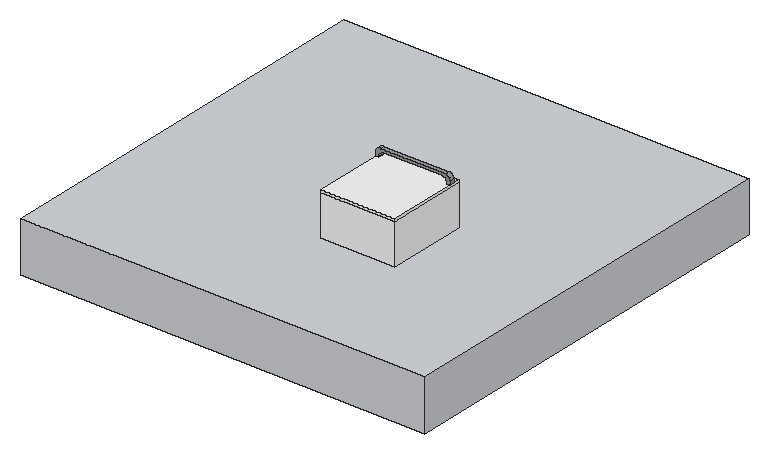
Revit family "IS_TonicII_Multiproduct_BIM_GB_R4306;R4318", category Plumbing Fixtures, host Face, Revit 2014
Parameters (values of type "R4318WG - Tonic II 450mm Guest Washbasin Unit - White Gloss")
  WaterEfficientProduct = no
  WarrantyStartDate [instance] = "1900-12-31T23:59:59"
  WarrantyGuarantorParts = "Productinfo@thebluebook.co.uk"
  WarrantyGuarantorLabor = "n/a"
  WarrantyDurationUnit = "year"
  WarrantyDurationParts = "5"
  WarrantyDurationLabor = "n/a"
  WarrantyDescription = "Manufacturers Warranty"
  WRAS = no
  VolumeUnits = "Litres"
  Version = "1"
  Uniclass2015Version = "Products v1.1"
  Uniclass2015Reference = "Pr_40_30_78_04"
  Uniclass2015Description = "Bathroom integrated duct work"
  Uniclass2 = "n/a"
  URL = "www.idealspec.co.uk"
  Type Comments = "n/a"
  TagNumber [instance] = "n/a"
  TMV3 = no
  SustainabilityPerformance = "n/a"
  SpareParts = "www.fastpart-spares.co.uk"
  Space = "Internal"
  Size = "360 x 480 x 450 mm"
  Shape = "Rectangular"
  SerialNumber [instance] = "n/a"
  Revision = "n/a"
  ReplacementCost = "n/a"
  ProductInformation = "www.idealspec.co.uk/datasheets/R4318WG"
  Phone = "01482 346 461"
  NominalWidth = 450 mm
  NominalLength = 480 mm
  NominalHeight = 360 mm
  NominalDepth = 260 mm
  NettWeight = "7.5 Kg"
  Name = "ISI_Furniture_TonicII_R4318WG_IdealStandard"
  NBSTypeID = "n/a"
  NBSReference = "45-35-72/320"
  NBSOfficeMasterTag = "n/a"
  NBSNote = "n/a"
  NBSDescription = "Bathroom integrated duct work"
  NBSCertification = "n/a"
  ModelReference = Description  # "Tonic II 450mm guest washbasin unit with 1 door , left hand"
  ModelNumber = Model  # "R4318WG"
  ManufacturerURL = "www.idealspec.co.uk"
  LinearUnits = "millimeters"
  LaminateFinish = ISI_IdealStandard_Furniture_WhiteGlossWG_Render
  Keynote = "n/a"
  InstallationInstructions = "www.idealspec.co.uk/resources.html"
  InstallationDate [instance] = "1900-12-31T23:59:59"
  IfcExportType = "USERDEFINED"
  IfcExportAs = "IfcFurnitureType"
  Help = "Productinfo@thebluebook.co.uk"
  HandleMatl = ISI_IdealStandard_Handle_Silver_Render
  HWFU = 0
  GrossWeight = "n/a"
  Grade = "n/a"
  Finish = "Gloss White"
  Features = "450mm guest washbasin unit with 1 door , left hand"
  ExpectedLife = "30"
  DurationUnit = "year"
  CurrencyUnit = "n/a"
  CreatedOn = "2016_04_06"
  Cost = 0
  Constituents = "n/a"
  ConnectionType = "Plumbing"
  Color = "Gloss White"
  CodePerformance = "EN 14749:2005"
  Category = "Furniture"
  Reference = "n/a"
  Model = "R4318WG"
  Manufacturer = "Ideal Standard (UK) Ltd"
  ECA = no
  Description = "Tonic II 450mm guest washbasin unit with 1 door , left hand"
  Default Elevation = 800 mm
  CWFU = 0
  Brand = "Ideal Standard"
  BarCode = "3391500571907"
  BREEAM = no
  BIMObjectName = "ISI_IdealStandard_Furniture_TonicII_R4318WG"
  Author = "Ideal Standard (UK) Ltd"
  AssetType = "Fixed"
  AssetIdentifier [instance] = "n/a"
  Assembly Code = "C1030200"
  AreaUnits = "millimeters"
  AreaMeasurement = "n/a"
  Accessories = "www.idealspec.co.uk"
  AccessibilityPerformance = "n/a"
Types (10, lengths in mm): name | ProductInformation | Name | ModelReference | ModelNumber | LaminateFinish | Finish | Features | Color | Model | Description | BarCode | BIMObjectName
  R4306FF - Tonic II 450mm Guest Washbasin Unit - Wood Light Brown | "www.idealspec.co.uk/datasheets/R4306FF" | "ISI_Furniture_TonicII_R4306FF_IdealStandard" | "Tonic II 450mm guest washbasin unit with 1 door , right hand" | "R4306FF" | ISI_IdealStandard_Furniture_WoodLightBrownFF_Render | "Light Brown Wood" | "450mm guest washbasin unit with 1 door , right hand" | "Light Brown Wood" | "R4306FF" | "Tonic II 450mm guest washbasin unit with 1 door , right hand" | "3391500571884" | "ISI_IdealStandard_Furniture_TonicII_R4306FF"
  R4306FE - Tonic II 450mm Guest Washbasin Unit - Wood Light Grey | "www.idealspec.co.uk/datasheets/R4306FE" | "ISI_Furniture_TonicII_R4306FE_IdealStandard" | "Tonic II 450mm guest washbasin unit with 1 door , right hand" | "R4306FE" | ISI_IdealStandard_Furniture_WoodLightGreyFE_Render | "Light Grey Wood" | "450mm guest washbasin unit with 1 door , right hand" | "Light Grey Wood" | "R4306FE" | "Tonic II 450mm guest washbasin unit with 1 door , right hand" | "3391500571891" | "ISI_IdealStandard_Furniture_TonicII_R4306FE"
  R4306FC - Tonic II 450mm Guest Washbasin Unit - Gloss Light Brown | "www.idealspec.co.uk/datasheets/R4306FC" | "ISI_Furniture_TonicII_R4306FC_IdealStandard" | "Tonic II 450mm guest washbasin unit with 1 door , right hand" | "R4306FC" | ISI_IdealStandard_Furniture_GlossLightBrownFC_Render | "Light Brown Gloss" | "450mm guest washbasin unit with 1 door , right hand" | "Light Brown Gloss" | "R4306FC" | "Tonic II 450mm guest washbasin unit with 1 door , right hand" | "3391500571877" | "ISI_IdealStandard_Furniture_TonicII_R4306FC"
  R4306FA - Tonic II 450mm Guest Washbasin Unit - Gloss Light Grey | "www.idealspec.co.uk/datasheets/R4306FA" | "ISI_Furniture_TonicII_R4306FA_IdealStandard" | "Tonic II 450mm guest washbasin unit with 1 door , right hand" | "R4306FA" | ISI_IdealStandard_Furniture_GlossLightGreyFA_Render | "Light Grey Gloss" | "450mm guest washbasin unit with 1 door , right hand" | "Light Grey Gloss" | "R4306FA" | "Tonic II 450mm guest washbasin unit with 1 door , right hand" | "3391500571860" | "ISI_IdealStandard_Furniture_TonicII_R4306FA"
  R4306WG - Tonic II 450mm Guest Washbasin Unit - White Gloss | "www.idealspec.co.uk/datasheets/R4306WG" | "ISI_Furniture_TonicII_R4306WG_IdealStandard" | "Tonic II 450mm guest washbasin unit with 1 door , right hand" | "R4306WG" | ISI_IdealStandard_Furniture_WhiteGlossWG_Render | "Gloss White" | "450mm guest washbasin unit with 1 door , right hand" | "Gloss White" | "R4306WG" | "Tonic II 450mm guest washbasin unit with 1 door , right hand" | "3391500571853" | "ISI_IdealStandard_Furniture_TonicII_R4306WG"
  R4318FF - Tonic II 450mm Guest Washbasin Unit - Wood Light Brown | "www.idealspec.co.uk/datasheets/R4318FF" | "ISI_Furniture_TonicII_R4318FF_IdealStandard" | "Tonic II 450mm guest washbasin unit with 1 door , left hand" | "R4318FF" | ISI_IdealStandard_Furniture_WoodLightBrownFF_Render | "Light Brown Wood" | "450mm guest washbasin unit with 1 door , left hand" | "Light Brown Wood" | "R4318FF" | "Tonic II 450mm guest washbasin unit with 1 door , left hand" | "3391500571938" | "ISI_IdealStandard_Furniture_TonicII_R4318FF"
  R4318FE - Tonic II 450mm Guest Washbasin Unit - Wood Light Grey | "www.idealspec.co.uk/datasheets/R4318FE" | "ISI_Furniture_TonicII_R4318FE_IdealStandard" | "Tonic II 450mm guest washbasin unit with 1 door , left hand" | "R4318FE" | ISI_IdealStandard_Furniture_WoodLightGreyFE_Render | "Light Grey Wood" | "450mm guest washbasin unit with 1 door , left hand" | "Light Grey Wood" | "R4318FE" | "Tonic II 450mm guest washbasin unit with 1 door , left hand" | "3391500571945" | "ISI_IdealStandard_Furniture_TonicII_R4318FE"
  R4318FC - Tonic II 450mm Guest Washbasin Unit - Gloss Light Brown | "www.idealspec.co.uk/datasheets/R4318FC" | "ISI_Furniture_TonicII_R4318FC_IdealStandard" | "Tonic II 450mm guest washbasin unit with 1 door , left hand" | "R4318FC" | ISI_IdealStandard_Furniture_GlossLightBrownFC_Render | "Light Brown Gloss" | "450mm guest washbasin unit with 1 door , left hand" | "Light Brown Gloss" | "R4318FC" | "Tonic II 450mm guest washbasin unit with 1 door , left hand" | "3391500571921" | "ISI_IdealStandard_Furniture_TonicII_R4318FC"
  R4318FA - Tonic II 450mm Guest Washbasin Unit - Gloss Light Grey | "www.idealspec.co.uk/datasheets/R4318FA" | "ISI_Furniture_TonicII_R4318FA_IdealStandard" | "Tonic II 450mm guest washbasin unit with 1 door , left hand" | "R4318FA" | ISI_IdealStandard_Furniture_GlossLightGreyFA_Render | "Light Grey Gloss" | "450mm guest washbasin unit with 1 door , left hand" | "Light Grey Gloss" | "R4318FA" | "Tonic II 450mm guest washbasin unit with 1 door , left hand" | "3391500571914" | "ISI_IdealStandard_Furniture_TonicII_R4318FA"
  R4318WG - Tonic II 450mm Guest Washbasin Unit - White Gloss | "www.idealspec.co.uk/datasheets/R4318WG" | "ISI_Furniture_TonicII_R4318WG_IdealStandard" | "Tonic II 450mm guest washbasin unit with 1 door , left hand" | "R4318WG" | ISI_IdealStandard_Furniture_WhiteGlossWG_Render | "Gloss White" | "450mm guest washbasin unit with 1 door , left hand" | "Gloss White" | "R4318WG" | "Tonic II 450mm guest washbasin unit with 1 door , left hand" | "3391500571907" | "ISI_IdealStandard_Furniture_TonicII_R4318WG"
Reference planes
  plane 1 "Center (Front/Back)": y = 0
  plane 2: z = 0
  plane 3 "Center (Left/Right)": x = 0
  plane 4: z = 260
  plane 5: z = 310
  plane 6: x = 450
  plane 7: y = -480
  plane 8: z = 242
  plane 9: x = 20
  plane 10: x = 430
  plane 11: z = 295
  plane 12: y = -40
  plane 13: y = -65
Forms (mm)
  Extrusion 1, solid
    sketch origin (0, 0, 0) x (1, 0, 0) y (0, 1, 0)
      loop
        line (-1219.2, 1219.2) -> (-1219.2, -1219.2) -> (1219.2, -1219.2) -> (1219.2, 1219.2) -> (-1219.2, 1219.2)
    from 0 to -304.8
  Extrusion 2, solid, material "ISI_IdealStandard_Furniture_WhiteGlossWG_Render" <- "LaminateFinish"
    sketch origin (0, 0, 0) x (1, 0, 0) y (0, 1, 0)
      loop
        line (0, 0) -> (0, -480) -> (450, -480) -> (450, 0) -> (0, 0)
    from 0 to 242
  Extrusion 3, solid, material "ISI_IdealStandard_Furniture_WhiteGlossWG_Render" <- "LaminateFinish"
    sketch origin (0, 0, 0) x (1, 0, 0) y (0, 1, 0)
      loop
        line (0, 0) -> (0, -480) -> (450, -480) -> (450, 0) -> (0, 0)
    from 242 to 260
  Extrusion 4, solid, material "ISI_IdealStandard_Handle_Silver_Render" <- "HandleMatl"
    sketch origin (1524, -40, 1219.2) x (1, 0, 0) y (0, 0, 1)
      loop
        line (-1504, -959.2) -> (-1504, -954.2)
        arc (-1504, -954.2) -> (-1495.213, -932.987) -> (-1474, -924.2) r 30
        line (-1474, -924.2) -> (-1124, -924.2)
        arc (-1124, -924.2) -> (-1102.787, -932.987) -> (-1094, -954.2) r 30
        line (-1094, -954.2) -> (-1094, -959.2) -> (-1074, -959.2) -> (-1074, -939.2)
        arc (-1074, -939.2) -> (-1082.787, -917.987) -> (-1104, -909.2) r 30
        line (-1104, -909.2) -> (-1494, -909.2)
        arc (-1494, -909.2) -> (-1515.213, -917.987) -> (-1524, -939.2) r 30
        line (-1524, -939.2) -> (-1524, -959.2) -> (-1504, -959.2)
    from 0 to 25
  Extrusion 5, void
    sketch origin (1524, -65, 1219.2) x (-1, 0, 0) y (0, 0, 1)
      loop
        line (1506.712, -1215.648) -> (1506.712, -979.433) -> (1093.016, -979.433) -> (1093.016, -1215.648) -> (1506.712, -1215.648)
    from -397 to 65
Cuts and joins
  Extrusion 5 cuts Extrusion 2
Dimensions and locks
  "NominalDepth": plane 4 to level
  locked: plane 5 to plane 4 at 50
  locked: plane 5 to plane 11 at 15
  locked: plane 4 to plane 8 at 18
  "NominalWidth": plane 3 "Center (Left/Right)" to plane 6
  locked: plane 3 "Center (Left/Right)" to plane 9 at 20
  locked: plane 10 to plane 6 at 20
  locked: plane 7 to plane 1 "Center (Front/Back)" at 480
  locked: plane 12 to plane 1 "Center (Front/Back)" at 40
  locked: plane 13 to plane 12 at 25
  aligned and locked: plane 2 to Extrusion 1
  aligned and locked: level to Extrusion 1
  aligned and locked: plane 1 "Center (Front/Back)" to Extrusion 2 sketch curve
  aligned and locked: plane 3 "Center (Left/Right)" to Extrusion 2 sketch curve
  aligned and locked: Extrusion 2 sketch curve to plane 7
  aligned and locked: Extrusion 2 sketch curve to plane 6
  aligned and locked: Extrusion 2 to level
  aligned and locked: Extrusion 3 sketch curve to Extrusion 2  (x4)
  aligned and locked: plane 4 to Extrusion 3
  aligned and locked: Extrusion 3 to plane 8
  aligned and locked: plane 13 to Extrusion 4
  aligned and locked: Extrusion 4 to plane 12
  aligned and locked: Extrusion 5 to plane 1 "Center (Front/Back)"
Automatic sketch dimensions
  Extrusion 1 sketch curve to Extrusion 1 sketch curve = 2438.4 mm  (x2)
  Extrusion 4 sketch curve to plane 3 "Center (Left/Right)" = 0 mm
  Extrusion 4 sketch curve to plane 9 = 0 mm
  Extrusion 4 sketch curve to plane 5 = 0 mm
  Extrusion 4 sketch curve to plane 11 = 0 mm
  Extrusion 4 sketch curve to plane 10 = 0 mm
  Extrusion 4 sketch curve to plane 4 = 0 mm  (x2)
  Extrusion 4 sketch curve to plane 6 = 0 mm
  plane 9 to Extrusion 4 sketch curve = 10 mm
  Extrusion 4 sketch curve to Extrusion 4 sketch curve = 20 mm
  plane 4 to Extrusion 4 sketch curve = 5 mm
  Extrusion 4 sketch curve to plane 10 = 10 mm
  plane 10 to Extrusion 5 sketch curve = 0.984 mm
  Extrusion 5 sketch curve to plane 9 = 2.712 mm
  level to Extrusion 5 sketch curve = 3.552 mm
  Extrusion 5 sketch curve to plane 8 = 2.233 mm
